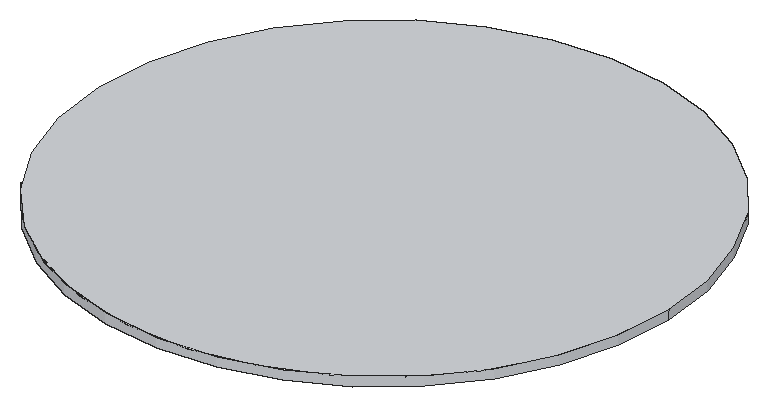
Revit family "Sh-2003-14-24s", category Lighting Fixtures, Revit 2017
Family settings
  Round Connector Dimension = Use Diameter
  Part Type = Normal
  OmniClass Number = 23.80.70.00
  OmniClass Title = Lighting
  Work Plane-Based = No
  Always vertical = Yes
  Cut with Voids When Loaded = No
  Light Source = No
  Shared = No
  Room Calculation Point = No
Parameters (values of type "SH-2003-14-24s(Black body-3000K-GU10)")
  wattage. = 7 W
  instalation = "inground"
  consumption current = 0.06 A
  color temperature = "3000K"
  color rendering index(CRI) = "80"
  Website = "www.shoaco.com"
  Voltage/Frequency = "230V-50HZ"
  URL = "https://www.shoaco.com/fa/product/%DA%86%D8%B1%D8%A7%D8%BA-%D9%87%D8%A7%DB%8C-%D8%AF%D9%81%D9%86%DB%8C/456-%DA%86%D8%B1%D8%A7%D8%BA-%D8%AF%D9%81%D9%86%DB%8C-SH-2003-14-24S.html"
  Type medule = "SMD"
  Protection Class = "Class I"
  Model = "SH-2003-14-24S"
  Manufacturer = "SHOA"
  Lamp = "GU10"
  IP = "IP65"
  Height = 14.2106 cm
  Flicker = "FREE Flicker"
  Diameter = 11.03 cm
  Depth = 10.8368 cm
  Cutting Diameter = 8.03 cm
  Body color = Black
  Body Material = "Aluminium"
Types (3, lengths in cm): name | color temperature
  (no name) | "3000K"
  SH-2003-14-24s(Black body-3000K-GU10) | "3000K"
  SH-2003-14-24s(Black body-6500K-GU10) | "6500K"
Reference planes (cm)
  plane 1 "Light Source Axis (F/B)": y = 0
  plane 2: z = 0
  plane 3 "Light Source Axis (L/R)": x = 0
  plane 4 "Light Source Elevation": z = 2.2156
  plane 5: z = -1.1582
  plane 6: z = -11.995
  plane 7: x = -5.53
  plane 8: x = 5.5
  plane 9: x = 4
  plane 10: x = -4.03
Forms (cm)
  Extrusion 1, solid
    sketch origin (-0.0087, 0, 2.0774) x (1, 0, 0) y (0, 1, 0)
      loop
        circle (0, 0) r 0.5709
    from 0 to 0.0187
Dimensions and locks (cm)
  "Height": plane 4 "Light Source Elevation" to plane 6
  "Diameter": plane 7 to plane 8
  "Cutting Diameter": plane 9 to plane 10
  aligned and locked: level to plane 2
Automatic sketch dimensions
  plane 1 "Light Source Axis (F/B)" to Extrusion 1 sketch curve = 0.0 cm
  Extrusion 1 sketch curve to plane 3 "Light Source Axis (L/R)" = 0.0087 cm
  radius of Extrusion 1 sketch curve = 0.5709 cm
Connectors (cm)
  electrical at (-0.0087, 0, 2.0774)
    settings: on Extrusion 1, index 1, voltage 0 V, apparent load 0 VA, apparent load phase1 0 VA, apparent load phase2 0 VA, apparent load phase3 0 VA, power factor 1, load classification "Other", number of poles 1, system type 31, power factor state 1, is connector primary yes, connector utility no, sub classification motor no, connector description ""
  electrical at (-0.0087, 0, 2.0774)
    settings: on Extrusion 1, index 2, voltage 230 V, apparent load 0 VA, apparent load phase1 0 VA, apparent load phase2 0 VA, apparent load phase3 0 VA, power factor 1, load classification "Other", number of poles 1, system type 31, power factor state 1, is connector primary no, connector utility no, sub classification motor no, connector description ""
